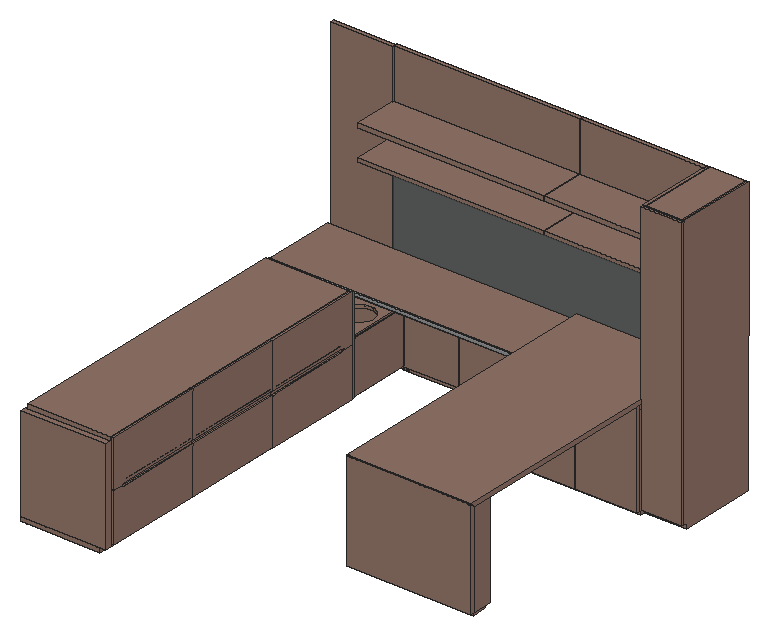
Revit family "T100042", category Furniture, Revit 2022 (continued)
Definition of nested family "OFS_Slate Private Office_Credenzas"
  Definition of nested family "OFS_Slate Private Office_Credenzas_Lateral File Cabinet"
    Automatic sketch dimensions
      Revolve 1 sketch curve to level = 0.09316"
      Revolve 2 sketch curve to plane 12 = 0.00"
      Revolve 2 sketch curve to level = 0.00"  (x2)
      Revolve 2 sketch curve to plane 4 = 0.6409"
      Revolve 2 sketch curve to Revolve 2 sketch curve = 0.245"
      Revolve 2 sketch curve to Revolve 2 sketch curve = 0.005"
      Revolve 2 sketch curve to Revolve 2 sketch curve = 0.03868"
      Revolve 2 sketch curve to plane 12 = 0.19756"
      Revolve 2 sketch curve to Revolve 2 sketch curve = 0.00"
      Revolve 2 sketch curve to Revolve 2 sketch curve = 0.09316"
      Revolve 3 sketch curve to plane 12 = 0.00"
      Revolve 3 sketch curve to level = 0.00"  (x2)
      Revolve 3 sketch curve to plane 4 = 0.6409"
      Revolve 3 sketch curve to Revolve 3 sketch curve = 0.245"
      Revolve 3 sketch curve to Revolve 3 sketch curve = 0.005"
      Revolve 3 sketch curve to Revolve 3 sketch curve = 0.03868"
      level to Revolve 3 sketch curve = 0.13"
      Revolve 3 sketch curve to Revolve 3 sketch curve = 0.00"
      Revolve 3 sketch curve to Revolve 3 sketch curve = 0.09316"
      Revolve 4 sketch curve to plane 12 = 0.00"
      Revolve 4 sketch curve to level = 0.00"  (x2)
      Revolve 4 sketch curve to plane 6 = 0.6409"
      Revolve 4 sketch curve to Revolve 4 sketch curve = 0.245"
      Revolve 4 sketch curve to Revolve 4 sketch curve = 0.005"
      Revolve 4 sketch curve to Revolve 4 sketch curve = 0.03868"
      Revolve 4 sketch curve to Revolve 4 sketch curve = 0.19756"
      Revolve 4 sketch curve to Revolve 4 sketch curve = 0.00"
      Revolve 4 sketch curve to level = 0.09316"
      Extrusion 5 sketch curve to plane 4 = 0.00"  (x2)
      Extrusion 5 sketch curve to plane 6 = 0.00"  (x2)
      plane 14 to Extrusion 5 sketch curve = 0.62544"  (x2)
      Extrusion 5 sketch curve to Extrusion 5 sketch curve = 1.50"  (x2)
      Extrusion 5 sketch curve to plane 15 = 0.62544"  (x2)
      Extrusion 5 sketch curve to plane 6 = 1.50"  (x2)
      Extrusion 5 sketch curve to plane 14 = 0.87456"  (x2)
      plane 15 to Extrusion 5 sketch curve = 0.87456"  (x2)
      Extrusion 6 sketch curve to plane 7 = 0.00"
      Extrusion 6 sketch curve to plane 1 "Center (Front/Back)" = 0.00"
      plane 13 to Extrusion 6 sketch curve = 0.00"
      plane 13 to Extrusion 6 sketch curve = 1.1875"
      plane 1 "Center (Front/Back)" to Sweep 7 sketch curve = 0.00"  (x2)
      Sweep 7 sketch curve to plane 12 = 0.00"
      Sweep 7 sketch curve to profile plane = 0.00"
      profile plane to Sweep 7 sketch curve = 0.75"
      plane 12 to Sweep 7 sketch curve = 1.25"
      Extrusion 8 sketch curve to plane 12 = 0.00"
      Extrusion 8 sketch curve to plane 1 "Center (Front/Back)" = 0.00"
      plane 14 to Extrusion 8 sketch curve = 0.62544"
      plane 13 to Extrusion 8 sketch curve = 1.1875"
      Extrusion 9 sketch curve to plane 3 "Center (Left/Right)" = 0.00"
      plane 6 to Extrusion 9 sketch curve = 0.00"
      Extrusion 9 sketch curve to plane 4 = 0.00"
      plane 5 to Extrusion 9 sketch curve = 0.00"
      plane 12 to Extrusion 9 sketch curve = 1.25"  (x2)
      plane 13 to Extrusion 9 sketch curve = 1.1875"  (x2)
      Extrusion 10 sketch curve to plane 8 = 0.00"
      plane 13 to Extrusion 10 sketch curve = 0.0625"
      plane 8 to Extrusion 10 sketch curve = 0.26"
      plane 13 to Extrusion 10 sketch curve = 0.09911"
      Extrusion 10 sketch curve to Extrusion 10 sketch curve = 0.08839"
      Extrusion 10 sketch curve to plane 7 = 0.08661"
      plane 13 to Extrusion 10 sketch curve = 0.50072"
      plane 12 to Extrusion 10 sketch curve = 1.25"
      Sweep 11 sketch curve to plane 8 = 0.00"
      plane 8 to Sweep 11 sketch curve = 0.06025"
      Sweep 11 sketch curve to profile plane = 0.18113"
      Sweep 11 sketch curve to profile plane = 0.23364"
      Sweep 11 sketch curve to Sweep 11 sketch curve = 0.06813"
      Sweep 11 sketch curve to Sweep 11 sketch curve = 0.51563"
      Sweep 11 sketch curve to Sweep 11 sketch curve = 0.29853"
      Sweep 11 sketch curve to Sweep 11 sketch curve = 0.23498"
      plane 12 to Extrusion 12 sketch curve = 1.25"
      Extrusion 12 sketch curve to Extrusion 12 sketch curve = 0.75"
      Extrusion 13 sketch curve to plane 8 = 0.00"
      plane 13 to Extrusion 13 sketch curve = 0.0625"
      Extrusion 13 sketch curve to Extrusion 13 sketch curve = 0.26"
      plane 13 to Extrusion 13 sketch curve = 0.09911"
      Extrusion 13 sketch curve to Extrusion 13 sketch curve = 0.08839"
      Extrusion 13 sketch curve to plane 7 = 0.08661"
      plane 13 to Extrusion 13 sketch curve = 0.50072"
      plane 12 to Extrusion 13 sketch curve = 1.25"
      plane 12 to Extrusion 14 sketch curve = 1.25"
      Extrusion 14 sketch curve to Extrusion 14 sketch curve = 13.65625"
      Extrusion 14 sketch curve to Extrusion 14 sketch curve = 0.125"
      plane 13 to Extrusion 14 sketch curve = 0.0625"
      plane 12 to Sweep 11 sketch curve = 14.15699"
      Sweep 11 sketch curve to Sweep 11 sketch curve = 0.81176"
  Definition of nested family "OFS_Slate Private Office_Credenzas_Overlay Lateral File Doors"
    Parameters
      Width 1 [instance] = if(Width < 60.00", 60.00", Width)  # 60.00"
      Width [instance] = 60.00"
      URL = "http://www.ofsbrands.com/"
      Type = 5
      Top [instance] = none
      Panel [instance] = none
      Model = "Type Catalog"
      Manufacturer = "OFS BRANDS"  # constant formula
      Length 2 [instance] = if(and(Type = 5, Width < 60.00"), 0.063", 17.875")  # 17.875"
      Length 1 [instance] = if(and(Type = 5, Width = 30.00"), 19.255", if(and(Type = 5, Width = 36.00"), 25.255", if(and(Type = 5, Width = 60.00"), 13.255", if(and(Type = 5, Width = 72.00"), 25.255", if(and(Type = 5, Width = 90.00"), 18.005", 27.005")))))  # 13.255"
      Overlay Lateral File = Type = 5  # yes
      Lateral Drawers [instance] = and(Overlay Lateral File, not(Width < 60.00"))  # yes
      Glides [instance] = none
      Drawers [instance] = none
      Description = "Type Catalog"
      Default Elevation = 0.00"
      Copyright © = "© 2016 OFS BRANDS"  # constant formula
      Catalog = "OFS"  # constant formula
      Case [instance] = none
      Base [instance] = none
      Authoring Version = "Autodesk Revit Architecture 2014"  # constant formula
      Assembly Code = "E2020200"
      4 Drawers [instance] = and(Type = 5, Width > 72.00")  # no
      2 Drawers [instance] = and(Type = 5, Width < 90.00")  # yes
    Reference planes (in)
      plane 1 "Center (Front/Back)": y = 0
      plane 2: z = 0
      plane 3 "Center (Left/Right)": x = 0
      plane 4: x = 59.25
      plane 5: x = 60
      plane 6: x = 0.75
      plane 7: y = -24
      plane 8: y = -25.58661
      plane 9: y = -23.125
      plane 10: x = 0.125
      plane 11: x = 59.875
      plane 12: z = 0.45
      plane 13: z = 30.3875
      plane 14: y = -1.38677
      plane 15: y = -21.25
      plane 16: y = -11.5625
      plane 17: x = 30
      plane 18: x = 19.6875
      plane 19: x = 40.3125
      plane 20: x = 1.8125
      plane 21: x = 58.1875
      plane 22: x = 58.0625
    Forms (in)
      Revolve 1, solid, material <- "Glides", visible <- "Overlay Lateral File"
        sketch origin (1.0178, -1.38677, 47.24409) x (-1, 0, 0) y (0, 0, 1)
          loop
            line (0.04905, -46.79409) -> (0.04905, -47.24409) -> (0.29405, -47.24409)
            arc (0.29405, -47.24409) -> (0.42215, -47.13626) -> (0.33773, -46.99165) r 0.13
            line (0.33773, -46.99165) -> (0.29905, -46.99165) -> (0.29905, -46.79409) -> (0.04905, -46.79409)
          axis (0.04905, -46.79409) -> (0.04905, -47.24409)
        angle from 0 to 360
      Revolve 2, solid, material <- "Glides", visible <- "Overlay Lateral File"
        sketch origin (70.9822, -1.38677, 47.24409) x (1, 0, 0) y (0, 0, -1)
          loop
            line (-11.95095, 46.79409) -> (-11.70095, 46.79409) -> (-11.70095, 46.99165) -> (-11.66227, 46.99165)
            arc (-11.66227, 46.99165) -> (-11.57785, 47.13626) -> (-11.70595, 47.24409) r 0.13
            line (-11.70595, 47.24409) -> (-11.95095, 47.24409) -> (-11.95095, 46.79409)
          axis (-11.95095, 46.79409) -> (-11.95095, 47.24409)
        angle from 0 to 360
      Revolve 3, solid, material <- "Glides", visible <- "Overlay Lateral File"
        sketch origin (1.0178, -21.25, 47.24409) x (-1, 0, 0) y (0, 0, 1)
          loop
            line (-58.01344, -46.79409) -> (-58.26344, -46.79409) -> (-58.26344, -46.99165) -> (-58.30212, -46.99165)
            arc (-58.30212, -46.99165) -> (-58.38654, -47.13626) -> (-58.25844, -47.24409) r 0.13
            line (-58.25844, -47.24409) -> (-58.01344, -47.24409) -> (-58.01344, -46.79409)
          axis (-58.01344, -46.79409) -> (-58.01344, -47.24409)
        angle from 0 to 360
      Revolve 4, solid, material <- "Glides", visible <- "Overlay Lateral File"
        sketch origin (1.0178, -21.25, 47.24409) x (-1, 0, 0) y (0, 0, 1)
          loop
            line (0.04905, -46.79409) -> (0.04905, -47.24409) -> (0.29405, -47.24409)
            arc (0.29405, -47.24409) -> (0.42215, -47.13626) -> (0.33773, -46.99165) r 0.13
            line (0.33773, -46.99165) -> (0.29905, -46.99165) -> (0.29905, -46.79409) -> (0.04905, -46.79409)
          axis (0.04905, -46.79409) -> (0.04905, -47.24409)
        angle from 0 to 360
      Sweep 5, solid, material <- "Panel", visible <- "Overlay Lateral File"
        path origin (-60.07556, -60, 0.45) x (-1, 0, 0) y (0, -1, 0)
          loop
            line (-120.07556, -36.875) -> (-60.07556, -36.875)
        profile origin (30, -23.125, 0.45) x (0, -1, 0) y (0, 0, 1)
          loop
            line (-0.75, 0) -> (0, 0) -> (0, 1.25) -> (-0.75, 1.25) -> (-0.75, 0)
      Extrusion 6, solid, material <- "Case", visible <- "Overlay Lateral File"
        sketch origin (0, 0, 0) x (0, 1, 0) y (0, 0, 1)
          loop
            line (0, 29.2) -> (-0.76133, 29.2) -> (-0.76133, 0.45) -> (0, 0.45) -> (0, 29.2)
        from 1.9375 to 58.0625
      Extrusion 7, solid, material <- "Panel", visible <- "Overlay Lateral File"
        sketch origin (0, 0, 0) x (1, 0, 0) y (0, 0, 1)
          loop
            line (0, 29.2) -> (0, 1.7) -> (1.9375, 1.7) -> (1.9375, 29.2) -> (0, 29.2)
          loop
            line (58.0625, 29.2) -> (58.0625, 1.7) -> (60, 1.7) -> (60, 29.2) -> (58.0625, 29.2)
        from 0 to 24.75
      Extrusion 8, solid, material <- "Drawers", visible <- "Lateral Drawers"
        sketch origin (0.125, -24.83661, 47.24409) x (0, -1, 0) y (0, 0, 1)
          loop
            line (0.49, -16.91909) -> (0.40162, -16.9557) -> (0, -17.35732) -> (0, -45.5441) -> (0.75, -45.5441) -> (0.75, -16.91909) -> (0.49, -16.91909)
        from -1.6875 to -19.5625
      Extrusion 9, solid, material <- "Base", visible <- "Overlay Lateral File"
        sketch origin (-3.76383, -25.58661, 47.24409) x (-1, 0, 0) y (0, 0, 1)
          loop
            line (-5.70133, -44.79409) -> (-61.82633, -44.79409) -> (-61.82633, -45.54409) -> (-5.70133, -45.54409) -> (-5.70133, -44.79409)
        from 0.83661 to 24.83661
      Extrusion 10, solid, material <- "Drawers", visible <- "Lateral Drawers"
        sketch origin (65.875, -24.83661, 47.24409) x (0, -1, 0) y (0, 0, -1)
          loop
            line (0.49, 16.91909) -> (0.75, 16.91909) -> (0.75, 45.5441) -> (0, 45.5441) -> (0, 17.35732) -> (0.40162, 16.9557) -> (0.49, 16.91909)
        from -7.6875 to -25.5625
      Extrusion 11, solid, material <- "Drawers", visible <- "2 Drawers"
        sketch origin (-3.76383, -25.58661, 47.24409) x (-1, 0, 0) y (0, 0, 1)
          loop
            line (-23.57633, -16.9191) -> (-43.95133, -16.9191) -> (-43.95133, -30.57535) -> (-23.57633, -30.57535) -> (-23.57633, -16.9191)
          loop
            line (-43.95133, -30.70035) -> (-43.95133, -45.54409) -> (-23.57633, -45.54409) -> (-23.57633, -30.70035) -> (-43.95133, -30.70035)
        from 0 to 0.75
      Extrusion 12, solid, material <- "Top", visible <- "Overlay Lateral File"
        sketch origin (1.8125, -27.03977, 47.24409) x (0, -1, 0) y (0, 0, 1)
          loop
            line (-26.28977, -16.85659) -> (-26.28977, -18.0441) -> (-2.28977, -18.0441) -> (-2.28977, -16.85659) -> (-26.28977, -16.85659)
        from 0 to -56.375
      Extrusion 13, solid, material <- "Panel", visible <- "Overlay Lateral File"
        sketch origin (-60.07556, -60, 0.45) x (-1, 0, 0) y (0, -1, 0)
          loop
            line (-62.01306, -38.8125) -> (-62.01306, -60) -> (-60.07556, -60) -> (-60.07556, -36.875) -> (-62.01306, -38.8125)
          loop
            line (-118.13806, -38.8125) -> (-120.07556, -36.875) -> (-120.07556, -60) -> (-118.13806, -60) -> (-118.13806, -38.8125)
        from 0 to 1.25
      Sweep 14, void
        path origin (-3.76383, -25.58661, 47.24409) x (-1, 0, 0) y (0, 0, 1)
          loop
            line (-27.13633, -29.82608) -> (-40.39133, -29.82608)
            arc (-40.39133, -29.82608) -> (-41.2031, -30.63785) -> (-40.39133, -31.44961) r 0.81176
            line (-40.39133, -31.44961) -> (-27.13633, -31.44961)
            arc (-27.13633, -31.44961) -> (-26.32457, -30.63785) -> (-27.13633, -29.82608) r 0.81176
        profile origin (30, -25.58661, 17.41801) x (0, 0, -1) y (0, 1, 0)
          loop
            line (0.74926, 0) -> (0.74926, 0.59375) -> (0.23364, 0.59375)
            arc (0.23364, 0.59375) -> (0.00071, 0.38112) -> (0.19126, 0.12981) r 0.2339
            arc (0.19126, 0.12981) -> (0.23287, 0.10547) -> (0.24927, 0.06015) r 0.07084
            line (0.24927, 0.06015) -> (0.24927, 0) -> (0.74926, 0)
      Extrusion 15, solid, material <- "Drawers", visible <- "4 Drawers"
        sketch origin (30, -60, -12) x (0, 0, -1) y (0, -1, 0)
          loop
            line (-42.325, -35.16339) -> (-28.66875, -35.16339) -> (-28.66875, -34.41339) -> (-42.325, -34.41339) -> (-42.325, -35.16339)
          loop
            line (-28.54375, -35.16339) -> (-13.7, -35.16339) -> (-13.7, -34.41339) -> (-28.54375, -34.41339) -> (-28.54375, -35.16339)
        from 0.125 to 10.1875
      Extrusion 16, solid, material <- "Drawers", visible <- "4 Drawers"
        sketch origin (30, -60, -12) x (0, 0, -1) y (0, -1, 0)
          loop
            line (-42.325, -35.16339) -> (-28.66875, -35.16339) -> (-28.66875, -34.41339) -> (-42.325, -34.41339) -> (-42.325, -35.16339)
          loop
            line (-28.54375, -35.16339) -> (-13.7, -35.16339) -> (-13.7, -34.41339) -> (-28.54375, -34.41339) -> (-28.54375, -35.16339)
        from -0.125 to -10.1875
      Sweep 17, void
        path origin (-3.76383, -25.58661, 47.24409) x (-1, 0, 0) y (0, 0, 1)
          loop
            line (-16.88624, -29.82608) -> (-30.14124, -29.82608)
            arc (-30.14124, -29.82608) -> (-30.953, -30.63785) -> (-30.14124, -31.44961) r 0.81176
            line (-30.14124, -31.44961) -> (-16.88624, -31.44961)
            arc (-16.88624, -31.44961) -> (-16.07448, -30.63785) -> (-16.88624, -29.82608) r 0.81176
        profile origin (19.74991, -25.58661, 17.41801) x (0, 0, -1) y (0, 1, 0)
          loop
            line (0.74926, 0) -> (0.74926, 0.59363) -> (0.23316, 0.59363)
            arc (0.23316, 0.59363) -> (-0.0007, 0.37998) -> (0.191, 0.12781) r 0.23482
            arc (0.191, 0.12781) -> (0.23279, 0.10343) -> (0.24927, 0.05795) r 0.07102
            line (0.24927, 0.05795) -> (0.24927, 0) -> (0.74926, 0)
      Sweep 18, void
        path origin (93.76383, -25.58661, 47.24409) x (1, 0, 0) y (0, 0, -1)
          loop
            arc (-46.88624, 29.82608) -> (-46.07448, 30.63785) -> (-46.88624, 31.44961) r 0.81176
            line (-46.88624, 31.44961) -> (-60.14124, 31.44961)
            arc (-60.14124, 31.44961) -> (-60.953, 30.63785) -> (-60.14124, 29.82608) r 0.81176
            line (-60.14124, 29.82608) -> (-46.88624, 29.82608)
        profile origin (40.25009, -25.58661, 17.41801) x (0, 0, 1) y (0, 1, 0)
          loop
            line (-0.74926, 0) -> (-0.24927, 0) -> (-0.24927, 0.05795)
            arc (-0.24927, 0.05795) -> (-0.23279, 0.10343) -> (-0.191, 0.12781) r 0.07102
            arc (-0.191, 0.12781) -> (0.0007, 0.37998) -> (-0.23316, 0.59363) r 0.23482
            line (-0.23316, 0.59363) -> (-0.74926, 0.59363) -> (-0.74926, 0)
    Cuts and joins
      joined: Revolve 1, Revolve 2, Revolve 3, Revolve 4
      joined: Extrusion 8, Extrusion 10
      joined: Sweep 5, Extrusion 13
      Sweep 14 cuts Extrusion 11
      Sweep 17, Sweep 18 cuts Extrusion 15
      Sweep 18 cuts Extrusion 16
    Lines and regions (in)
      Masking region 1, visible <- "Overlay Lateral File"
        outline origin (77.82463, -60, 30.3875) x (0, -1, 0) y (1, 0, 0)
          loop
            line (-60, -77.82463) -> (-34.41339, -77.82463) -> (-34.41339, -17.82463) -> (-60, -17.82463) -> (-60, -77.82463)
    Dimensions and locks (in)
      "Width 1": plane 3 "Center (Left/Right)" to plane 5
      equal spacing: plane 3 "Center (Left/Right)", plane 17, plane 5
      locked: plane 18 to Extrusion 11 sketch curve at 0.125
      locked: plane 19 to Extrusion 11 sketch curve at 0.125
      locked: Extrusion 7 sketch curve to plane 3 "Center (Left/Right)" at 1.9375
      locked: plane 20 to Extrusion 9 sketch curve at 0.125
      equal spacing: Sweep 14 sketch curve, plane 17, Sweep 14 sketch curve
      "Length 1": Sweep 14 sketch curve to Sweep 14 sketch curve
      Extrusion 13 sketch curve to Extrusion 13 sketch curve to plane 9 = 0.00" locked, 1.9375" locked
      locked: plane 3 "Center (Left/Right)" to Extrusion 13 sketch curve at 1.9375
      locked: Sweep 17 sketch curve to plane 17 at 3.62259
      "Length 1": Sweep 17 sketch curve to Sweep 17 sketch curve
      "Length 1": Sweep 18 sketch curve to Sweep 18 sketch curve
      locked: plane 17 to Sweep 18 sketch curve at 3.62259
      plane 3 "Center (Left/Right)" to plane 10 to plane 6 to plane 20 = 0.125" locked, 0.625" locked, 1.0625" locked
      plane 22 to plane 21 to plane 4 to plane 11 to plane 5 = 0.125" locked, 1.0625" locked, 0.625" locked, 0.125" locked
      "Length 2": plane 20 to plane 18
      "Length 2": plane 19 to plane 21
      aligned and locked: level to plane 2
      aligned and locked: plane 9 to Sweep 5 sketch curve
      aligned and locked: Extrusion 10 to plane 19
      aligned and locked: Extrusion 11 sketch curve to Extrusion 11 sketch curve  (x2)
      aligned and locked: cut or joined group of Extrusion 8, Extrusion 10 to plane 18
      aligned and locked: cut or joined group of Extrusion 8, Extrusion 10 to plane 19
      aligned and locked: plane 21 to Extrusion 12
      aligned and locked: plane 21 to cut or joined group of Extrusion 8, Extrusion 10
      aligned and locked: Extrusion 6 to plane 22
      aligned and locked: Extrusion 7 sketch curve to plane 22
      aligned and locked: Extrusion 13 sketch curve to plane 22
      aligned and locked: plane 5 to Extrusion 13 sketch curve
      aligned and locked: plane 9 to Extrusion 13 sketch curve  (x2)
      aligned and locked: Extrusion 13 sketch curve to plane 3 "Center (Left/Right)"
      aligned and locked: plane 22 to Extrusion 9 sketch curve
      aligned and locked: Masking region 1 sketch curve to Extrusion 7
      aligned and locked: cut or joined group of Extrusion 11, Sweep 14 to cut or joined group of Extrusion 15, Sweep 17, Sweep 18
      aligned and locked: cut or joined group of Extrusion 16, Sweep 18 to cut or joined group of Extrusion 11, Sweep 14
    Automatic sketch dimensions
      Revolve 1 sketch curve to plane 12 = 0.00"
      Revolve 1 sketch curve to level = 0.00"  (x2)
      Revolve 1 sketch curve to plane 6 = 0.21875"
      plane 6 to Revolve 1 sketch curve = 0.02625"
      plane 6 to Revolve 1 sketch curve = 0.03125"
      Revolve 1 sketch curve to Revolve 1 sketch curve = 0.03868"
      level to Revolve 1 sketch curve = 0.13"
      Revolve 1 sketch curve to Revolve 1 sketch curve = 0.00"
      Revolve 1 sketch curve to level = 0.09316"
      Revolve 2 sketch curve to plane 12 = 0.00"
      Revolve 2 sketch curve to level = 0.00"  (x2)
      Revolve 2 sketch curve to plane 4 = 0.21875"
      plane 4 to Revolve 2 sketch curve = 0.02625"
      plane 4 to Revolve 2 sketch curve = 0.03125"
      Revolve 2 sketch curve to Revolve 2 sketch curve = 0.03868"
      Revolve 2 sketch curve to plane 12 = 0.19756"
      Revolve 2 sketch curve to Revolve 2 sketch curve = 0.00"
      Revolve 2 sketch curve to Revolve 2 sketch curve = 0.09316"
      Revolve 3 sketch curve to plane 12 = 0.00"
      Revolve 3 sketch curve to level = 0.00"  (x2)
      plane 4 to Revolve 3 sketch curve = 0.06992"
      plane 4 to Revolve 3 sketch curve = 0.03125"
      plane 4 to Revolve 3 sketch curve = 0.02625"
      Revolve 3 sketch curve to plane 4 = 0.21875"
      level to Revolve 3 sketch curve = 0.13"
      Revolve 3 sketch curve to Revolve 3 sketch curve = 0.00"
      Revolve 3 sketch curve to Revolve 3 sketch curve = 0.09316"
      Revolve 4 sketch curve to plane 12 = 0.00"
      Revolve 4 sketch curve to level = 0.00"  (x2)
      Revolve 4 sketch curve to plane 6 = 0.21875"
      plane 6 to Revolve 4 sketch curve = 0.02625"
      plane 6 to Revolve 4 sketch curve = 0.03125"
      Revolve 4 sketch curve to Revolve 4 sketch curve = 0.03868"
      Revolve 4 sketch curve to Revolve 4 sketch curve = 0.13"
      Revolve 4 sketch curve to Revolve 4 sketch curve = 0.00"
      Revolve 4 sketch curve to level = 0.09316"
      Sweep 5 sketch curve to plane 5 = 0.00"
      Sweep 5 sketch curve to plane 3 "Center (Left/Right)" = 0.00"
      Sweep 5 sketch curve to plane 12 = 0.00"
      Sweep 5 sketch curve to profile plane = 0.00"
      profile plane to Sweep 5 sketch curve = 0.75"
      Sweep 5 sketch curve to Sweep 5 sketch curve = 1.25"
      Extrusion 6 sketch curve to plane 12 = 0.00"
      Extrusion 6 sketch curve to plane 1 "Center (Front/Back)" = 0.00"
      plane 14 to Extrusion 6 sketch curve = 0.62544"
      plane 13 to Extrusion 6 sketch curve = 1.1875"
      Extrusion 7 sketch curve to plane 3 "Center (Left/Right)" = 0.00"
      plane 5 to Extrusion 7 sketch curve = 0.00"
      plane 12 to Extrusion 7 sketch curve = 1.25"  (x2)
      plane 13 to Extrusion 7 sketch curve = 1.1875"  (x2)
      Extrusion 8 sketch curve to plane 8 = 0.00"
      plane 13 to Extrusion 8 sketch curve = 0.0625"
      plane 8 to Extrusion 8 sketch curve = 0.26"
      plane 13 to Extrusion 8 sketch curve = 0.09911"
      Extrusion 8 sketch curve to Extrusion 8 sketch curve = 0.08838"
      plane 8 to Extrusion 8 sketch curve = 0.75"
      plane 13 to Extrusion 8 sketch curve = 0.50072"
      plane 12 to Extrusion 8 sketch curve = 1.25"
      plane 12 to Extrusion 9 sketch curve = 1.25"
      Extrusion 9 sketch curve to Extrusion 9 sketch curve = 0.75"
      Extrusion 10 sketch curve to plane 8 = 0.00"
      plane 13 to Extrusion 10 sketch curve = 0.0625"
      Extrusion 10 sketch curve to Extrusion 10 sketch curve = 0.26"
      plane 13 to Extrusion 10 sketch curve = 0.09911"
      Extrusion 10 sketch curve to Extrusion 10 sketch curve = 0.08838"
      Extrusion 10 sketch curve to Extrusion 10 sketch curve = 0.75"
      plane 13 to Extrusion 10 sketch curve = 0.50072"
      plane 12 to Extrusion 10 sketch curve = 1.25"
      plane 12 to Extrusion 11 sketch curve = 1.25"
      plane 13 to Extrusion 11 sketch curve = 13.84375"
      Extrusion 11 sketch curve to Extrusion 11 sketch curve = 0.125"
      plane 13 to Extrusion 11 sketch curve = 0.0625"
      plane 13 to Extrusion 12 sketch curve = 0.00"
      plane 14 to Extrusion 12 sketch curve = 0.63677"
      Extrusion 12 sketch curve to plane 7 = 0.75"
      plane 13 to Extrusion 12 sketch curve = 1.1875"
      plane 1 "Center (Front/Back)" to Extrusion 13 sketch curve = 0.00"  (x2)
      Sweep 14 sketch curve to plane 8 = 0.00"
      plane 8 to Sweep 14 sketch curve = 0.06015"
      Sweep 14 sketch curve to profile plane = 0.17843"
      Sweep 14 sketch curve to profile plane = 0.23364"
      Sweep 14 sketch curve to Sweep 14 sketch curve = 0.07084"
      Sweep 14 sketch curve to Sweep 14 sketch curve = 0.51563"
      Sweep 14 sketch curve to Sweep 14 sketch curve = 0.2997"
      Sweep 14 sketch curve to Sweep 14 sketch curve = 0.2339"
      Extrusion 15 sketch curve to plane 8 = 0.00"  (x2)
      plane 13 to Extrusion 15 sketch curve = 0.0625"
      plane 8 to Extrusion 15 sketch curve = 0.75"
      Extrusion 15 sketch curve to Extrusion 15 sketch curve = 13.65625"
      Extrusion 15 sketch curve to Extrusion 15 sketch curve = 0.125"
      plane 12 to Extrusion 15 sketch curve = 1.25"
      Extrusion 15 sketch curve to Extrusion 15 sketch curve = 0.75"
      Extrusion 16 sketch curve to plane 8 = 0.00"  (x2)
      plane 13 to Extrusion 16 sketch curve = 0.0625"
      plane 8 to Extrusion 16 sketch curve = 0.75"
      Extrusion 16 sketch curve to Extrusion 16 sketch curve = 13.65625"
      Extrusion 16 sketch curve to Extrusion 16 sketch curve = 0.125"
      plane 12 to Extrusion 16 sketch curve = 1.25"
      Extrusion 16 sketch curve to Extrusion 16 sketch curve = 0.75"
      Sweep 17 sketch curve to plane 8 = 0.00"
      plane 8 to Sweep 17 sketch curve = 0.05795"
      Sweep 17 sketch curve to profile plane = 0.17825"
      Sweep 17 sketch curve to profile plane = 0.23316"
      Sweep 17 sketch curve to Sweep 17 sketch curve = 0.07102"
      Sweep 17 sketch curve to Sweep 17 sketch curve = 0.5161"
      Sweep 17 sketch curve to Sweep 17 sketch curve = 0.30087"
      Sweep 17 sketch curve to Sweep 17 sketch curve = 0.23482"
      Sweep 18 sketch curve to plane 8 = 0.00"
      profile plane to Sweep 18 sketch curve = 0.74926"
      profile plane to Sweep 18 sketch curve = 0.24927"
      profile plane to Sweep 18 sketch curve = 0.23316"
      Sweep 18 sketch curve to Sweep 18 sketch curve = 0.07102"
      plane 8 to Sweep 18 sketch curve = 0.05795"
      Sweep 18 sketch curve to Sweep 18 sketch curve = 0.30087"
      Sweep 18 sketch curve to Sweep 18 sketch curve = 0.23482"
      Masking region 1 sketch curve to plane 3 "Center (Left/Right)" = 0.00"
      Masking region 1 sketch curve to plane 8 = 0.00"
      Masking region 1 sketch curve to plane 5 = 0.00"
      plane 13 to Sweep 14 sketch curve = 14.59302"
      Sweep 14 sketch curve to Sweep 14 sketch curve = 0.81176"
      plane 13 to Sweep 17 sketch curve = 14.59302"
      Sweep 17 sketch curve to Sweep 17 sketch curve = 0.81176"
      plane 13 to Sweep 18 sketch curve = 12.96949"
      Sweep 18 sketch curve to Sweep 18 sketch curve = 0.81176"
  Definition of nested family "OFS_Slate Private Office_Credenzas_Overlay Lateral File"
    Parameters
      Width [instance] = 30.00"
      URL = "http://www.ofsbrands.com/"
      Type = 4
      Top [instance] = none
      Panel [instance] = none
      Model = "Type Catalog"
      Manufacturer = "OFS BRANDS"  # constant formula
      Length 2 [instance] = if(and(Type = 4, Width < 60.00"), 0.063", 17.875")  # 0.063"
      Length 1 [instance] = if(and(Type = 4, Width = 30.00"), 19.255", if(and(Type = 4, Width = 36.00"), 25.255", if(and(Type = 4, Width = 60.00"), 13.255", if(and(Type = 4, Width = 72.00"), 25.255", if(and(Type = 4, Width = 90.00"), 18.005", 27.005")))))  # 19.255"
      Overlay Lateral File = Type = 4  # yes
      Glides [instance] = none
      Drawers [instance] = none
      Description = "Type Catalog"
      Default Elevation = 0.00"
      Copyright © = "© 2016 OFS BRANDS"  # constant formula
      Catalog = "OFS"  # constant formula
      Case [instance] = none
      Base [instance] = none
      Authoring Version = "Autodesk Revit Architecture 2014"  # constant formula
      Assembly Code = "E2020200"
      6 Drawers [instance] = and(Type = 4, Width > 72.00")  # no
      4 Drawers [instance] = and(Type = 4, Width > 36.00", Width < 90.00")  # no
      2 Drawers [instance] = and(Type = 4, Width < 60.00")  # yes
    Reference planes (in)
      plane 1 "Center (Front/Back)": y = 0
      plane 2: z = 0
      plane 3 "Center (Left/Right)": x = 0
      plane 4: x = 29.25
      plane 5: x = 30
      plane 6: x = 0.75
      plane 7: y = -24
      plane 8: y = -25.58661
      plane 9: y = -23.125
      plane 10: x = 0.125
      plane 11: x = 29.875
      plane 12: z = 0.45
      plane 13: z = 30.3875
      plane 14: y = -1.38677
      plane 15: y = -21.25
      plane 16: y = -11.5625
      plane 17: x = 15
      plane 18: x = 1.8755
      plane 19: x = 28.1245
      plane 20: x = 1.8125
      plane 21: x = 28.1875
      plane 22: x = 28.0625
      plane 23: x = 10.60417
      plane 24: x = 19.39583
    Forms (in)
      Revolve 1, solid, material <- "Glides", visible <- "Overlay Lateral File"
        sketch origin (1.0178, -1.38677, 47.24409) x (-1, 0, 0) y (0, 0, 1)
          loop
            line (0.04905, -46.79409) -> (0.04905, -47.24409) -> (0.29405, -47.24409)
            arc (0.29405, -47.24409) -> (0.42215, -47.13626) -> (0.33773, -46.99165) r 0.13
            line (0.33773, -46.99165) -> (0.29905, -46.99165) -> (0.29905, -46.79409) -> (0.04905, -46.79409)
          axis (0.04905, -46.79409) -> (0.04905, -47.24409)
        angle from 0 to 360
      Revolve 2, solid, material <- "Glides", visible <- "Overlay Lateral File"
        sketch origin (70.9822, -1.38677, 47.24409) x (1, 0, 0) y (0, 0, -1)
          loop
            line (-41.95095, 46.79409) -> (-41.70095, 46.79409) -> (-41.70095, 46.99165) -> (-41.66227, 46.99165)
            arc (-41.66227, 46.99165) -> (-41.57785, 47.13626) -> (-41.70595, 47.24409) r 0.13
            line (-41.70595, 47.24409) -> (-41.95095, 47.24409) -> (-41.95095, 46.79409)
          axis (-41.95095, 46.79409) -> (-41.95095, 47.24409)
        angle from 0 to 360
      Revolve 3, solid, material <- "Glides", visible <- "Overlay Lateral File"
        sketch origin (1.0178, -21.25, 47.24409) x (-1, 0, 0) y (0, 0, 1)
          loop
            line (-28.01344, -46.79409) -> (-28.26344, -46.79409) -> (-28.26344, -46.99165) -> (-28.30212, -46.99165)
            arc (-28.30212, -46.99165) -> (-28.38654, -47.13626) -> (-28.25844, -47.24409) r 0.13
            line (-28.25844, -47.24409) -> (-28.01344, -47.24409) -> (-28.01344, -46.79409)
          axis (-28.01344, -46.79409) -> (-28.01344, -47.24409)
        angle from 0 to 360
      Revolve 4, solid, material <- "Glides", visible <- "Overlay Lateral File"
        sketch origin (1.0178, -21.25, 47.24409) x (-1, 0, 0) y (0, 0, 1)
          loop
            line (0.04905, -46.79409) -> (0.04905, -47.24409) -> (0.29405, -47.24409)
            arc (0.29405, -47.24409) -> (0.42215, -47.13626) -> (0.33773, -46.99165) r 0.13
            line (0.33773, -46.99165) -> (0.29905, -46.99165) -> (0.29905, -46.79409) -> (0.04905, -46.79409)
          axis (0.04905, -46.79409) -> (0.04905, -47.24409)
        angle from 0 to 360
      Sweep 5, solid, material <- "Panel", visible <- "Overlay Lateral File"
        path origin (-60.07556, -60, 0.45) x (-1, 0, 0) y (0, -1, 0)
          loop
            line (-90.07556, -36.875) -> (-60.07556, -36.875)
        profile origin (15, -23.125, 0.45) x (0, -1, 0) y (0, 0, 1)
          loop
            line (-0.75, 0) -> (0, 0) -> (0, 1.25) -> (-0.75, 1.25) -> (-0.75, 0)
      Extrusion 6, solid, material <- "Case", visible <- "Overlay Lateral File"
        sketch origin (0, 0, 0) x (0, 1, 0) y (0, 0, 1)
          loop
            line (0, 29.2) -> (-0.76133, 29.2) -> (-0.76133, 0.45) -> (0, 0.45) -> (0, 29.2)
        from 1.9375 to 28.0625
      Extrusion 7, solid, material <- "Panel", visible <- "Overlay Lateral File"
        sketch origin (0, 0, 0) x (1, 0, 0) y (0, 0, 1)
          loop
            line (0, 29.2) -> (0, 1.7) -> (1.9375, 1.7) -> (1.9375, 29.2) -> (0, 29.2)
          loop
            line (28.0625, 29.2) -> (28.0625, 1.7) -> (30, 1.7) -> (30, 29.2) -> (28.0625, 29.2)
        from 0 to 24.75
      Extrusion 8, solid, material <- "Base", visible <- "Overlay Lateral File"
        sketch origin (-3.76383, -25.58661, 47.24409) x (-1, 0, 0) y (0, 0, 1)
          loop
            line (-5.70133, -44.79409) -> (-31.82633, -44.79409) -> (-31.82633, -45.54409) -> (-5.70133, -45.54409) -> (-5.70133, -44.79409)
        from 0.83661 to 24.83661
      Extrusion 9, solid, material <- "Top", visible <- "Overlay Lateral File"
        sketch origin (1.8125, -27.03977, 47.24409) x (0, -1, 0) y (0, 0, 1)
          loop
            line (-26.28977, -16.85659) -> (-26.28977, -18.0441) -> (-2.28977, -18.0441) -> (-2.28977, -16.85659) -> (-26.28977, -16.85659)
        from 0 to -26.375
      Extrusion 10, solid, material <- "Panel", visible <- "Overlay Lateral File"
        sketch origin (-60.07556, -60, 0.45) x (-1, 0, 0) y (0, -1, 0)
          loop
            line (-62.01306, -38.8125) -> (-62.01306, -60) -> (-60.07556, -60) -> (-60.07556, -36.875) -> (-62.01306, -38.8125)
          loop
            line (-88.13806, -38.8125) -> (-90.07556, -36.875) -> (-90.07556, -60) -> (-88.13806, -60) -> (-88.13806, -38.8125)
        from 0 to 1.25
      Sweep 11, void
        path origin (-3.76383, -25.58661, 47.24409) x (-1, 0, 0) y (0, 0, 1)
          loop
            line (-9.13633, -29.82608) -> (-28.39133, -29.82608)
            arc (-28.39133, -29.82608) -> (-29.2031, -30.63785) -> (-28.39133, -31.44961) r 0.81176
            line (-28.39133, -31.44961) -> (-9.13633, -31.44961)
            arc (-9.13633, -31.44961) -> (-8.32457, -30.63785) -> (-9.13633, -29.82608) r 0.81176
        profile origin (15, -25.58661, 17.41801) x (0, 0, -1) y (0, 1, 0)
          loop
            line (0.74926, 0) -> (0.74926, 0.59375) -> (0.23364, 0.59375)
            arc (0.23364, 0.59375) -> (0.00071, 0.38112) -> (0.19126, 0.12981) r 0.2339
            arc (0.19126, 0.12981) -> (0.23287, 0.10547) -> (0.24927, 0.06015) r 0.07084
            line (0.24927, 0.06015) -> (0.24927, 0) -> (0.74926, 0)
      Extrusion 12, solid, material <- "Drawers", visible <- "2 Drawers"
        sketch origin (15, -60, -12) x (0, 0, -1) y (0, -1, 0)
          loop
            line (-42.325, -35.16339) -> (-28.66875, -35.16339) -> (-28.66875, -34.41339) -> (-42.325, -34.41339) -> (-42.325, -35.16339)
          loop
            line (-13.7, -35.16339) -> (-13.7, -34.41339) -> (-28.54375, -34.41339) -> (-28.54375, -35.16339) -> (-13.7, -35.16339)
        from -13.0625 to 13.0625
      Extrusion 13, solid, material <- "Drawers", visible <- "4 Drawers"
        sketch origin (-3.76383, -25.58661, 47.24409) x (-1, 0, 0) y (0, 0, 1)
          loop
            line (-5.70133, -16.9191) -> (-18.70133, -16.9191) -> (-18.70133, -30.57535) -> (-5.70133, -30.57535) -> (-5.70133, -16.9191)
          loop
            line (-5.70133, -44.79409) -> (-5.70133, -30.70035) -> (-18.70133, -30.70035) -> (-18.70133, -44.79409) -> (-5.70133, -44.79409)
          loop
            line (-18.82633, -16.9191) -> (-31.82633, -16.9191) -> (-31.82633, -30.57535) -> (-18.82633, -30.57535) -> (-18.82633, -16.9191)
          loop
            line (-18.82633, -44.79409) -> (-18.82633, -30.70035) -> (-31.82633, -30.70035) -> (-31.82633, -44.79409) -> (-18.82633, -44.79409)
        from 0 to 0.75
      Extrusion 14, solid, material <- "Drawers", visible <- "6 Drawers"
        sketch origin (-3.76383, -25.58661, 47.24409) x (-1, 0, 0) y (0, 0, 1)
          loop
            line (-5.70133, -16.9191) -> (-14.3055, -16.9191) -> (-14.3055, -30.57535) -> (-5.70133, -30.57535) -> (-5.70133, -16.9191)
          loop
            line (-5.70133, -30.70035) -> (-14.3055, -30.70035) -> (-14.3055, -44.79409) -> (-5.70133, -44.79409) -> (-5.70133, -30.70035)
          loop
            line (-23.09717, -16.9191) -> (-23.09717, -30.57535) -> (-14.4305, -30.57535) -> (-14.4305, -16.9191) -> (-23.09717, -16.9191)
          loop
            line (-23.09717, -30.70035) -> (-23.09717, -44.79409) -> (-14.4305, -44.79409) -> (-14.4305, -30.70035) -> (-23.09717, -30.70035)
          loop
            line (-31.82633, -16.9191) -> (-31.82633, -30.57535) -> (-23.22217, -30.57535) -> (-23.22217, -16.9191) -> (-31.82633, -16.9191)
          loop
            line (-31.82633, -30.70035) -> (-31.82633, -44.79409) -> (-23.22217, -44.79409) -> (-23.22217, -30.70035) -> (-31.82633, -30.70035)
        from 0 to 0.75
    Cuts and joins
      joined: Revolve 1, Revolve 2, Revolve 3, Revolve 4
      joined: Sweep 5, Extrusion 10
      Sweep 11 cuts Extrusion 12
      Sweep 11 cuts Extrusion 13
      Sweep 11 cuts Extrusion 14
    Lines and regions (in)
      Masking region 1, visible <- "Overlay Lateral File"
        outline origin (77.82463, -60, 30.3875) x (0, -1, 0) y (1, 0, 0)
          loop
            line (-60, -77.82463) -> (-34.41339, -77.82463) -> (-34.41339, -47.82463) -> (-60, -47.82463) -> (-60, -77.82463)
    Dimensions and locks (in)
      "Width": plane 3 "Center (Left/Right)" to plane 5
      equal spacing: plane 3 "Center (Left/Right)", plane 17, plane 5
      locked: Extrusion 7 sketch curve to plane 3 "Center (Left/Right)" at 1.9375
      locked: plane 20 to Extrusion 8 sketch curve at 0.125
      Extrusion 10 sketch curve to Extrusion 10 sketch curve to plane 9 = 0.00" locked, 1.9375" locked
      locked: plane 3 "Center (Left/Right)" to Extrusion 10 sketch curve at 1.9375
      plane 3 "Center (Left/Right)" to plane 10 to plane 6 to plane 20 = 0.125" locked, 0.625" locked, 1.0625" locked
      plane 22 to plane 21 to plane 4 to plane 11 to plane 5 = 0.125" locked, 1.0625" locked, 0.625" locked, 0.125" locked
      "Length 2": plane 20 to plane 18
      "Length 2": plane 19 to plane 21
      Extrusion 13 sketch curve to plane 17 to Extrusion 13 sketch curve = 0.0625" locked, 0.0625" locked
      locked: Sweep 11 sketch curve to plane 3 "Center (Left/Right)" at 5.3725
      locked: Sweep 11 sketch curve to plane 5 at 5.3725
      equal spacing: plane 20, plane 23, plane 24, plane 21
      Extrusion 14 sketch curve to plane 23 to Extrusion 14 sketch curve = 0.0625" locked, 0.0625" locked
      Extrusion 14 sketch curve to plane 24 to Extrusion 14 sketch curve = 0.0625" locked, 0.0625" locked
      aligned and locked: level to plane 2
      aligned and locked: plane 9 to Sweep 5 sketch curve
      aligned and locked: plane 21 to Extrusion 9
      aligned and locked: Extrusion 6 to plane 22
      aligned and locked: Extrusion 7 sketch curve to plane 22
      aligned and locked: Extrusion 10 sketch curve to plane 22
      aligned and locked: plane 5 to Extrusion 10 sketch curve
      aligned and locked: plane 9 to Extrusion 10 sketch curve  (x2)
      aligned and locked: Extrusion 10 sketch curve to plane 3 "Center (Left/Right)"
      aligned and locked: plane 22 to Extrusion 8 sketch curve
      aligned and locked: Masking region 1 sketch curve to Extrusion 7
      aligned and locked: Extrusion 7 to Extrusion 12
      aligned and locked: Extrusion 12 to plane 22
      aligned and locked: Extrusion 13 sketch curve to Extrusion 6
      aligned and locked: Extrusion 13 sketch curve to cut or joined group of Sweep 11, Extrusion 12
      aligned and locked: Extrusion 13 sketch curve to Extrusion 13 sketch curve
      aligned and locked: plane 22 to Extrusion 13 sketch curve
      aligned and locked: Extrusion 14 sketch curve to cut or joined group of Sweep 11, Extrusion 13
      aligned and locked: Extrusion 14 sketch curve to Extrusion 14 sketch curve  (x6)
      aligned and locked: Extrusion 14 sketch curve to plane 22
    Automatic sketch dimensions
      Revolve 1 sketch curve to plane 12 = 0.00"
      Revolve 1 sketch curve to level = 0.00"  (x2)
      Revolve 1 sketch curve to plane 6 = 0.21875"
      plane 6 to Revolve 1 sketch curve = 0.02625"
      plane 6 to Revolve 1 sketch curve = 0.03125"
      Revolve 1 sketch curve to Revolve 1 sketch curve = 0.03868"
      level to Revolve 1 sketch curve = 0.13"
      Revolve 1 sketch curve to Revolve 1 sketch curve = 0.00"
      Revolve 1 sketch curve to level = 0.09316"
      Revolve 2 sketch curve to plane 12 = 0.00"
      Revolve 2 sketch curve to level = 0.00"  (x2)
      Revolve 2 sketch curve to plane 4 = 0.21875"
      plane 4 to Revolve 2 sketch curve = 0.02625"
      plane 4 to Revolve 2 sketch curve = 0.03125"
      Revolve 2 sketch curve to Revolve 2 sketch curve = 0.03868"
      Revolve 2 sketch curve to plane 12 = 0.19756"
      Revolve 2 sketch curve to Revolve 2 sketch curve = 0.00"
      Revolve 2 sketch curve to Revolve 2 sketch curve = 0.09316"
      Revolve 3 sketch curve to plane 12 = 0.00"
      Revolve 3 sketch curve to level = 0.00"  (x2)
      plane 4 to Revolve 3 sketch curve = 0.06992"
      plane 4 to Revolve 3 sketch curve = 0.03125"
      plane 4 to Revolve 3 sketch curve = 0.02625"
      Revolve 3 sketch curve to plane 4 = 0.21875"
      level to Revolve 3 sketch curve = 0.13"
      Revolve 3 sketch curve to Revolve 3 sketch curve = 0.00"
      Revolve 3 sketch curve to Revolve 3 sketch curve = 0.09316"
      Revolve 4 sketch curve to plane 12 = 0.00"
      Revolve 4 sketch curve to level = 0.00"  (x2)
      Revolve 4 sketch curve to plane 6 = 0.21875"
      plane 6 to Revolve 4 sketch curve = 0.02625"
      plane 6 to Revolve 4 sketch curve = 0.03125"
      Revolve 4 sketch curve to Revolve 4 sketch curve = 0.03868"
      Revolve 4 sketch curve to Revolve 4 sketch curve = 0.13"
      Revolve 4 sketch curve to Revolve 4 sketch curve = 0.00"
      Revolve 4 sketch curve to level = 0.09316"
      Extrusion 6 sketch curve to plane 12 = 0.00"
      Extrusion 6 sketch curve to plane 1 "Center (Front/Back)" = 0.00"
      plane 14 to Extrusion 6 sketch curve = 0.62544"
      plane 13 to Extrusion 6 sketch curve = 1.1875"
      plane 12 to Extrusion 8 sketch curve = 1.25"
      Extrusion 8 sketch curve to Extrusion 8 sketch curve = 0.75"
      plane 13 to Extrusion 9 sketch curve = 0.00"
      plane 14 to Extrusion 9 sketch curve = 0.63677"
      Extrusion 9 sketch curve to plane 7 = 0.75"
      plane 13 to Extrusion 9 sketch curve = 1.1875"
      plane 1 "Center (Front/Back)" to Extrusion 10 sketch curve = 0.00"  (x2)
      Sweep 11 sketch curve to plane 8 = 0.00"
      plane 8 to Sweep 11 sketch curve = 0.06015"
      Sweep 11 sketch curve to profile plane = 0.17843"
      Sweep 11 sketch curve to profile plane = 0.23364"
      Sweep 11 sketch curve to Sweep 11 sketch curve = 0.07084"
      Sweep 11 sketch curve to Sweep 11 sketch curve = 0.51563"
      Sweep 11 sketch curve to Sweep 11 sketch curve = 0.2997"
      Sweep 11 sketch curve to Sweep 11 sketch curve = 0.2339"
      Extrusion 12 sketch curve to plane 8 = 0.00"  (x2)
      plane 13 to Extrusion 12 sketch curve = 0.0625"
      plane 8 to Extrusion 12 sketch curve = 0.75"
      Extrusion 12 sketch curve to Extrusion 12 sketch curve = 13.65625"
      Extrusion 12 sketch curve to Extrusion 12 sketch curve = 0.125"
      plane 12 to Extrusion 12 sketch curve = 1.25"
      Extrusion 12 sketch curve to Extrusion 12 sketch curve = 0.75"
      plane 13 to Sweep 11 sketch curve = 14.59302"
      Sweep 11 sketch curve to Sweep 11 sketch curve = 0.81176"
      Sweep 5 sketch curve to plane 5 = 0.00"
      Sweep 5 sketch curve to plane 3 "Center (Left/Right)" = 0.00"
      Sweep 5 sketch curve to plane 12 = 0.00"
      Sweep 5 sketch curve to profile plane = 0.00"
      profile plane to Sweep 5 sketch curve = 0.75"
      Sweep 5 sketch curve to Sweep 5 sketch curve = 1.25"
      Extrusion 7 sketch curve to plane 3 "Center (Left/Right)" = 0.00"
      plane 5 to Extrusion 7 sketch curve = 0.00"
      plane 12 to Extrusion 7 sketch curve = 1.25"  (x2)
      plane 13 to Extrusion 7 sketch curve = 1.1875"  (x2)
      Extrusion 13 sketch curve to plane 17 = 0.0625"
      plane 17 to Extrusion 13 sketch curve = 0.0625"
      plane 12 to Extrusion 13 sketch curve = 2.00"  (x2)
      plane 13 to Extrusion 13 sketch curve = 13.84375"
      Extrusion 13 sketch curve to Extrusion 13 sketch curve = 0.00"
      Extrusion 13 sketch curve to Extrusion 13 sketch curve = 0.125"  (x2)
      plane 13 to Extrusion 13 sketch curve = 0.0625"  (x2)
      plane 12 to Extrusion 14 sketch curve = 2.00"  (x2)
      Extrusion 14 sketch curve to Extrusion 14 sketch curve = 0.00"  (x2)
      plane 13 to Extrusion 14 sketch curve = 13.84375"  (x2)
      Extrusion 14 sketch curve to Extrusion 14 sketch curve = 0.125"  (x3)
      plane 13 to Extrusion 14 sketch curve = 0.0625"  (x3)
      Masking region 1 sketch curve to plane 3 "Center (Left/Right)" = 0.00"
      Masking region 1 sketch curve to plane 8 = 0.00"
      Masking region 1 sketch curve to plane 5 = 0.00"
Definition of nested family "OFS_Slate Private Office_Storage_Cabinet_Wardrobe"
  Parameters (values of type "OFS_Slate Private Office_Storage_Cabinet_Wardrobe")
    Width = 12.00"
    URL = "http://www.ofsbrands.com/"
    Top [instance] = none
    Right [instance] = no
    Model = "Type Catalog"
    Manufacturer = "OFS BRANDS"  # constant formula
    Left [instance] = yes
    Height = 69.00"
    Glides [instance] = none
    Door [instance] = none
    Description = "Type Catalog"
    Depth = 18.00"
    Default Elevation = 0.00"
    Copyright © = "© 2016 OFS BRANDS"  # constant formula
    Catalog = "OFS"  # constant formula
    Case [instance] = none
    Base [instance] = none
    Authoring Version = "Autodesk Revit Architecture 2014"  # constant formula
    Assembly Code = "E2020200"
  Reference planes (in)
    plane 1 "Center (Front/Back)": y = 0
    plane 2: z = 0
    plane 3 "Center (Left/Right)": x = 0
    plane 4: x = 12
    plane 5: x = 6
    plane 6: y = -18
    plane 7: y = -21.66451
    plane 8: z = 68.7
    plane 9: z = 68.6375
    plane 10: z = 67.95
    plane 11: z = 1.7625
    plane 12: z = 2.45
    plane 13: z = 1.7
    plane 14: z = 0.45
    plane 15: z = 69
  Dimensions and locks (in)
    "Width": plane 3 "Center (Left/Right)" to plane 4
    equal spacing: plane 3 "Center (Left/Right)", plane 5, plane 4
    plane 15 to plane 8 to plane 9 to plane 10 = 0.30" locked, 0.0625" locked, 0.6875" locked
    plane 12 to plane 11 to plane 13 to plane 14 to level = 0.6875" locked, 0.0625" locked, 1.25" locked, 0.45" locked
    "Height": plane 15 to level
    equal spacing: nested 3, nested 4, plane 3 "Center (Left/Right)"
    locked: plane 7 to plane 6 at 3.66451
    "Depth": plane 6 to plane 1 "Center (Front/Back)"
    aligned and locked: level to plane 2
    aligned and locked: nested 1 to plane 7
    aligned and locked: plane 5 to nested 1
    aligned and locked: nested 4 to plane 7
  Nested families (in)
    nested 1: "Tag" at (6, -21.66451, 0) x (-1, 0, 0) z (0, 0, 1), visible <- "Left", type "Center", detail levels fine
      with Offset (LR) 0.00", Distance of Center (not Change) 0.11"
    nested 2: "OFS_Slate Private Office_Storage_Cabinet_Wardrobe" at (0, 0, 0), Top <- "Top", Glides <- "Glides", Drawers <- "Door", Case <- "Case", Base <- "Base", visible <- "Left", type "OFS_Slate Private Office_Storage_Cabinet_Wardrobe"
      with Top none, Right no, Left yes, Glides none, Drawers none, Case none, Base none
    nested 3: "OFS_Slate Private Office_Storage_Cabinet_Wardrobe" at (0, 0, 0) x (-1, 0, 0) z (0, 0, 1), Top <- "Top", Glides <- "Glides", Drawers <- "Door", Case <- "Case", Base <- "Base", visible <- "Right", type "OFS_Slate Private Office_Storage_Cabinet_Wardrobe"
      with Top none, Right no, Left yes, Glides none, Drawers none, Case none, Base none
    nested 4: "Tag" at (-6, -21.66451, 0), visible <- "Right", type "Center", detail levels fine
      with Offset (LR) 0.00", Distance of Center (not Change) 0.11"
  Definition of nested family "OFS_Slate Private Office_Storage_Cabinet_Wardrobe"
    Parameters
      Width = 12.00"
      URL = "http://www.ofsbrands.com/"
      Top [instance] = none
      Right [instance] = no
      Model = "Type Catalog"
      Manufacturer = "OFS BRANDS"  # constant formula
      Left [instance] = yes
      Height = 69.00"
      Glides [instance] = none
      Drawers [instance] = none
      Description = "Type Catalog"
      Depth = 18.00"
      Default Elevation = 0.00"
      Copyright © = "© 2016 OFS BRANDS"  # constant formula
      Catalog = "OFS"  # constant formula
      Case [instance] = none
      Base [instance] = none
      Authoring Version = "Autodesk Revit Architecture 2014"  # constant formula
      Assembly Code = "E2020200"
    Reference planes (in)
      plane 1 "Center (Front/Back)": y = 0
      plane 2: z = 0
      plane 3 "Center (Left/Right)": x = 0
      plane 4: x = 12
      plane 5: x = 6
      plane 6: y = -0.75
      plane 7: y = -1.37544
      plane 8: y = -18
      plane 9: y = -17.25
      plane 10: y = -16.375
      plane 11: y = -14.99956
      plane 12: y = -15.625
      plane 13: y = -21.66451
      plane 14: x = 0.75
      plane 15: x = 2.25
      plane 16: x = 9.75
      plane 17: x = 11.25
      plane 18: z = 68.7
      plane 19: z = 68.6375
      plane 20: z = 67.95
      plane 21: z = 1.7625
      plane 22: z = 2.45
      plane 23: z = 1.7
      plane 24: z = 0.45
      plane 25: z = 69
    Forms (in)
      Revolve 1, solid, material <- "Glides"
        sketch origin (14.86463, -1.37544, 140) x (1, 0, 0) y (0, 0, 1)
          loop
            line (-13.47373, -139.55) -> (-13.72373, -139.55) -> (-13.72373, -139.74756) -> (-13.76241, -139.74756)
            arc (-13.76241, -139.74756) -> (-13.84683, -139.89216) -> (-13.71873, -140) r 0.13
            line (-13.71873, -140) -> (-13.47373, -140) -> (-13.47373, -139.55)
          axis (-13.47373, -139.55) -> (-13.47373, -140)
        angle from 0 to 360
      Revolve 2, solid, material <- "Glides"
        sketch origin (-2.86463, -1.37544, 140) x (-1, 0, 0) y (0, 0, -1)
          loop
            line (-13.47373, 139.55) -> (-13.47373, 140) -> (-13.71873, 140)
            arc (-13.71873, 140) -> (-13.84683, 139.89216) -> (-13.76241, 139.74756) r 0.13
            line (-13.76241, 139.74756) -> (-13.72373, 139.74756) -> (-13.72373, 139.55) -> (-13.47373, 139.55)
          axis (-13.47373, 139.55) -> (-13.47373, 140)
        angle from 0 to 360
      Revolve 3, solid, material <- "Glides"
        sketch origin (14.86463, -14.99956, 140) x (1, 0, 0) y (0, 0, 1)
          loop
            line (-13.47373, -139.55) -> (-13.72373, -139.55) -> (-13.72373, -139.74756) -> (-13.76241, -139.74756)
            arc (-13.76241, -139.74756) -> (-13.84683, -139.89216) -> (-13.71873, -140) r 0.13
            line (-13.71873, -140) -> (-13.47373, -140) -> (-13.47373, -139.55)
          axis (-13.47373, -139.55) -> (-13.47373, -140)
        angle from 0 to 360
      Revolve 4, solid, material <- "Glides"
        sketch origin (14.86463, -14.99956, 140) x (1, 0, 0) y (0, 0, 1)
          loop
            line (-4.25553, -139.55) -> (-4.25553, -140) -> (-4.01053, -140)
            arc (-4.01053, -140) -> (-3.88244, -139.89216) -> (-3.96686, -139.74756) r 0.13
            line (-3.96686, -139.74756) -> (-4.00553, -139.74756) -> (-4.00553, -139.55) -> (-4.25553, -139.55)
          axis (-4.25553, -139.55) -> (-4.25553, -140)
        angle from 0 to 360
      Extrusion 5, solid, material <- "Case"
        sketch origin (-18.37457, -60, 0.45) x (-1, 0, 0) y (0, -1, 0)
          loop
            line (-19.12457, -59.25) -> (-19.12457, -57.75) -> (-20.62457, -57.75) -> (-20.62457, -59.25) -> (-19.12457, -59.25)
          loop
            line (-28.12457, -59.25) -> (-28.12457, -57.75) -> (-29.62457, -57.75) -> (-29.62457, -59.25) -> (-28.12457, -59.25)
          loop
            line (-19.12457, -44.375) -> (-20.62457, -44.375) -> (-20.62457, -45.875) -> (-19.12457, -45.875) -> (-19.12457, -44.375)
          loop
            line (-28.12457, -44.375) -> (-29.62457, -44.375) -> (-29.62457, -45.875) -> (-28.12457, -45.875) -> (-28.12457, -44.375)
        from 0 to 1.25
      Sweep 6, solid, material <- "Case"
        path origin (-18.37457, -60, 0.45) x (-1, 0, 0) y (0, -1, 0)
          loop
            line (-19.12457, -60) -> (-19.12457, -44.375) -> (-29.62457, -44.375) -> (-29.62457, -60)
        profile origin (6, -15.625, 0.45) x (0, 1, 0) y (0, 0, 1)
          loop
            line (0, 0) -> (0, 1.25) -> (-0.75, 1.25) -> (-0.75, 0) -> (0, 0)
      Extrusion 7, solid, material <- "Case"
        sketch origin (0, 0, 0) x (1, 0, 0) y (0, 0, 1)
          loop
            line (0, 1.7) -> (0.75, 1.7) -> (0.75, 68.7) -> (0, 68.7) -> (0, 1.7)
          loop
            line (12, 1.7) -> (12, 68.7) -> (11.25, 68.7) -> (11.25, 1.7) -> (12, 1.7)
        from 0 to 17.25
      Extrusion 8, solid, material <- "Drawers"
        sketch origin (-3.04745, -18, 140) x (-1, 0, 0) y (0, 0, 1)
          loop
            line (-14.98502, -138.2375) -> (-3.10988, -138.2375) -> (-3.10988, -71.3625) -> (-14.98502, -71.3625) -> (-14.98502, -138.2375)
        from 0 to 0.75
      Extrusion 9, solid, material <- "Top"
        sketch origin (0.75, 2.87053, 140) x (0, 1, 0) y (0, 0, 1)
          loop
            line (-2.87053, -71.3) -> (-20.12053, -71.3) -> (-20.12053, -72.05) -> (-2.87053, -72.05) -> (-2.87053, -71.3)
        from 0 to 10.5
      Extrusion 10, solid, material <- "Base"
        sketch origin (0.75, 2.87053, 140) x (0, 1, 0) y (0, 0, 1)
          loop
            line (-3.62053, -137.55) -> (-20.12053, -137.55) -> (-20.12053, -138.3) -> (-3.62053, -138.3) -> (-3.62053, -137.55)
        from 0 to 10.5
      Extrusion 11, solid, material <- "Case"
        sketch origin (-18.37457, -60, 0.45) x (-1, 0, 0) y (0, -1, 0)
          loop
            line (-19.12457, -60) -> (-19.12457, -59.25) -> (-29.62457, -59.25) -> (-29.62457, -60) -> (-19.12457, -60)
        from 0 to 67.5
    Cuts and joins
      joined: Sweep 6, Extrusion 7
      joined: Revolve 1, Revolve 2, Revolve 3, Revolve 4
    Lines and regions (in)
      Masking region 1
        outline origin (-18.37457, -60, 68.7) x (-1, 0, 0) y (0, -1, 0)
          loop
            line (-18.37457, -60) -> (-18.37457, -42) -> (-30.37457, -42) -> (-30.37457, -60) -> (-18.37457, -60)
      symbolic lines, detail levels medium+fine
        curve 1: line (0, -18, 68.7) -> (12, -21.66451, 68.7)
        curve 2: line (12, -21.66451, 68.7) -> (12, -18, 68.7)
    Dimensions and locks (in)
      "Width": plane 3 "Center (Left/Right)" to plane 4
      equal spacing: plane 3 "Center (Left/Right)", plane 5, plane 4
      plane 3 "Center (Left/Right)" to plane 14 to plane 15 = 0.75" locked, 1.50" locked
      plane 16 to plane 17 to plane 4 = 1.50" locked, 0.75" locked
      plane 13 to plane 8 to plane 9 to plane 10 to plane 12 to plane 11 = 3.66451" locked, 0.75" locked, 0.875" locked, 0.75" locked, 0.62544" locked
      plane 7 to plane 6 to plane 1 "Center (Front/Back)" = 0.62544" locked, 0.75" locked
      "Depth": plane 8 to plane 1 "Center (Front/Back)"
      plane 25 to plane 18 to plane 19 to plane 20 = 0.30" locked, 0.0625" locked, 0.6875" locked
      plane 22 to plane 21 to plane 23 to plane 24 to level = 0.6875" locked, 0.0625" locked, 1.25" locked, 0.45" locked
      "Height": plane 25 to level
      aligned and locked: level to plane 2
      aligned and locked: Extrusion 5 sketch curve to plane 6  (x2)
      aligned and locked: plane 14 to Extrusion 5 sketch curve
      aligned and locked: Extrusion 5 sketch curve to plane 15
      aligned and locked: plane 16 to Extrusion 5 sketch curve
      aligned and locked: plane 17 to Extrusion 5 sketch curve
      aligned and locked: Extrusion 5 sketch curve to plane 12  (x2)
      aligned and locked: Extrusion 5 sketch curve to plane 14
      aligned and locked: plane 15 to Extrusion 5 sketch curve
      aligned and locked: Extrusion 5 sketch curve to plane 16
      aligned and locked: Extrusion 5 sketch curve to plane 17
      aligned and locked: plane 23 to Extrusion 5
      aligned and locked: Sweep 6 sketch curve to plane 12
      aligned and locked: plane 18 to Extrusion 7 sketch curve
      aligned and locked: Extrusion 7 sketch curve to plane 3 "Center (Left/Right)"
      aligned and locked: plane 14 to Extrusion 7 sketch curve
      aligned and locked: Extrusion 7 sketch curve to plane 18
      aligned and locked: Extrusion 7 sketch curve to plane 17
      aligned and locked: Extrusion 7 sketch curve to plane 4
      aligned and locked: plane 9 to Extrusion 7
      aligned and locked: plane 19 to Extrusion 8 sketch curve
      aligned and locked: plane 21 to Extrusion 8 sketch curve
      aligned and locked: Extrusion 9 sketch curve to plane 9
      aligned and locked: Extrusion 9 sketch curve to plane 18
      aligned and locked: plane 20 to Extrusion 9 sketch curve
      aligned and locked: plane 1 "Center (Front/Back)" to Extrusion 9 sketch curve
      aligned and locked: Extrusion 10 sketch curve to plane 22
      aligned and locked: Extrusion 10 sketch curve to plane 6
      aligned and locked: Extrusion 10 to plane 17
      aligned and locked: Extrusion 11 sketch curve to Extrusion 10
      aligned and locked: plane 20 to Extrusion 11
      aligned and locked: Extrusion 9 to plane 17
      aligned and locked: plane 14 to Sweep 6 sketch curve
      aligned and locked: plane 17 to Sweep 6 sketch curve
      aligned and locked: Extrusion 11 to plane 24
      aligned and locked: Masking region 1 sketch curve to plane 4
      aligned and locked: plane 3 "Center (Left/Right)" to Masking region 1 sketch curve
      aligned and locked: plane 1 "Center (Front/Back)" to Masking region 1 sketch curve
      aligned and locked: plane 8 to Masking region 1 sketch curve
      aligned and locked: plane 13 to curve 1
      aligned and locked: plane 4 to curve 1
      aligned and locked: plane 3 "Center (Left/Right)" to curve 1
      aligned and locked: plane 8 to curve 1
      aligned and locked: plane 8 to curve 2
      aligned and locked: Extrusion 7 sketch curve to plane 23
      aligned and locked: plane 23 to Extrusion 7 sketch curve
      aligned and locked: plane 1 "Center (Front/Back)" to Sweep 6 sketch curve  (x2)
    Automatic sketch dimensions
      Revolve 1 sketch curve to plane 24 = 0.00"
      Revolve 1 sketch curve to level = 0.00"
      Revolve 1 sketch curve to plane 24 = 0.19756"
      plane 14 to Revolve 1 sketch curve = 0.35223"
      Revolve 1 sketch curve to Revolve 1 sketch curve = 0.03868"
      Revolve 1 sketch curve to Revolve 1 sketch curve = 0.005"
      Revolve 1 sketch curve to Revolve 1 sketch curve = 0.245"
      Revolve 1 sketch curve to Revolve 1 sketch curve = 0.00"
      Revolve 1 sketch curve to level = 0.14265"
      Revolve 1 sketch curve to Revolve 1 sketch curve = 0.19756"
      Revolve 2 sketch curve to plane 24 = 0.00"
      Revolve 2 sketch curve to level = 0.00"
      Revolve 2 sketch curve to plane 24 = 0.19756"
      plane 17 to Revolve 2 sketch curve = 0.35223"
      Revolve 2 sketch curve to Revolve 2 sketch curve = 0.03868"
      Revolve 2 sketch curve to Revolve 2 sketch curve = 0.005"
      Revolve 2 sketch curve to Revolve 2 sketch curve = 0.245"
      Revolve 2 sketch curve to Revolve 2 sketch curve = 0.00"
      Revolve 2 sketch curve to Revolve 2 sketch curve = 0.19756"
      Revolve 2 sketch curve to level = 0.14265"
      Revolve 3 sketch curve to plane 24 = 0.00"
      Revolve 3 sketch curve to level = 0.00"
      Revolve 3 sketch curve to plane 24 = 0.19756"
      plane 14 to Revolve 3 sketch curve = 0.35223"
      Revolve 3 sketch curve to Revolve 3 sketch curve = 0.03868"
      Revolve 3 sketch curve to Revolve 3 sketch curve = 0.005"
      Revolve 3 sketch curve to Revolve 3 sketch curve = 0.245"
      Revolve 3 sketch curve to Revolve 3 sketch curve = 0.00"
      Revolve 3 sketch curve to level = 0.14265"
      Revolve 3 sketch curve to Revolve 3 sketch curve = 0.19756"
      Revolve 4 sketch curve to plane 24 = 0.00"
      Revolve 4 sketch curve to level = 0.00"
      plane 17 to Revolve 4 sketch curve = 0.6409"
      Revolve 4 sketch curve to Revolve 4 sketch curve = 0.245"
      Revolve 4 sketch curve to Revolve 4 sketch curve = 0.005"
      Revolve 4 sketch curve to Revolve 4 sketch curve = 0.03868"
